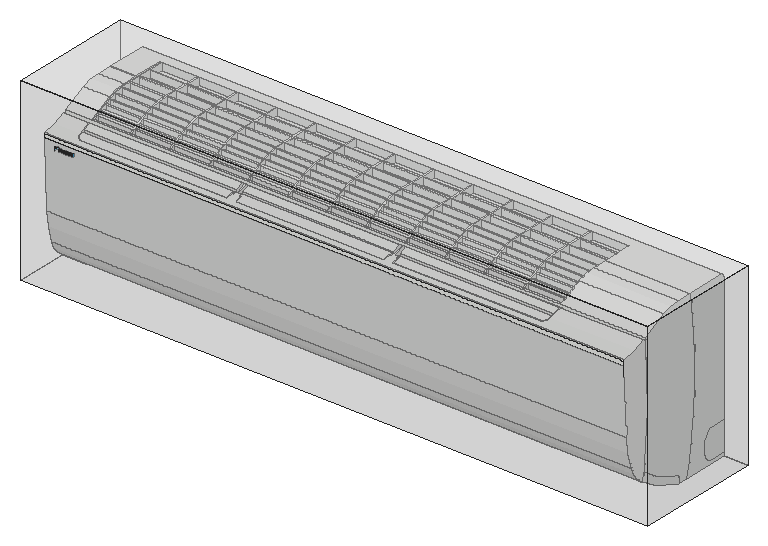
Revit family "outputfile", category 機械設備, Revit 2024
Family settings
  丸型コネクタ寸法 = 半径を使用
  パーツ タイプ = 標準
  OmniClass 番号 = 23.75.10.24.21.27.27
  OmniClass タイトル = Split System Air Conditioning Units
  作業面ベース = いいえ
  常に垂直 = はい
  ロード時にボイドで切り取り = いいえ
  注釈の向きを維持 = いいえ
  共有 = いいえ
  部屋計算ポイント = いいえ
Parameters (values of type "FTXM95PAVMA")
  Description = ""
  書き出し IFC クラス(タイプ) = "IfcUnitaryEquipmentType"
  定義済み IFC タイプ(タイプ) = "AIRCONDITIONINGUNIT"
  Cost = 0
  Type Comments = ""
  Keynote = ""
  Type Image = (empty or 0)
  Assembly Code = ""
  w_wall hole = if(Width = 770.0 mm, 48.0 mm, if(Width = 990.0 mm, 60.0 mm, 89.0 mm))  # 89.0 mm
  製造元 = "Daikin"
  モデル = "FTXM95PAVMA"
  switch_frequency = yes
  r_Liquid Pipe Size = Liquid Pipe Size / 2  # 3.2 mm
  r_Gas Pipe Size = Gas Pipe Size / 2  # 7.95 mm
  r_Drain Pipe Size = Drain Pipe Size / 2  # 8.0 mm
  lw_powersupply [instance] = if(Width = 770.0 mm, if(or(Rear Right Connection_refrigerant, Bottom Right Connection_refrigerant), 25.0 mm, if(or(Rear Left Connection_refrigerant, Bottom Left Connection_refrigerant), 745.0 mm, 400.0 mm)), if(Width = 990.0 mm, if(or(Rear Right Connection_refrigerant, Bottom Right Connection_refrigerant), 40.0 mm, if(or(Rear Left Connection_refrigerant, Bottom Left Connection_refrigerant), 920.0 mm, 400.0 mm)), if(Width = 1200.0 mm, if(or(Rear Right Connection_refrigerant, Bottom Right Connection_refrigerant), 89.0 mm - 19.0 mm, if(or(Rear Left Connection_refrigerant, Bottom Left Connection_refrigerant), 675.0 mm + (990.0 mm - 770.0 mm) + 145.0 mm + 22.0 mm + 89.0 mm, 400.0 mm)), if(or(Rear Right Connection_refrigerant, Bottom Right Connection_refrigerant), 89.0 mm - 19.0 mm, if(or(Rear Left Connection_refrigerant, Bottom Left Connection_refrigerant), 675.0 mm + (990.0 mm - 770.0 mm) + 145.0 mm + 22.0 mm + 89.0 mm, 400.0 mm)))))  # 400.0 mm
  lw_liquidpipe [instance] = if(Width = 770.0 mm, if(or(Rear Right Connection_refrigerant, Bottom Right Connection_refrigerant), 0.0 mm, if(or(Rear Left Connection_refrigerant, Bottom Left Connection_refrigerant), 664.0 mm, 385.0 mm)), if(Width = 990.0 mm, if(or(Rear Right Connection_refrigerant, Bottom Right Connection_refrigerant), 0.0 mm, if(or(Rear Left Connection_refrigerant, Bottom Left Connection_refrigerant), 664.0 mm + (990.0 mm - 770.0 mm), 475.0 mm)), if(Width = 1200.0 mm, if(or(Rear Right Connection_refrigerant, Bottom Right Connection_refrigerant), 0.0 mm, if(or(Rear Left Connection_refrigerant, Bottom Left Connection_refrigerant), 664.0 mm + (990.0 mm - 770.0 mm) + 145.0 mm, 460.0 mm)), if(or(Rear Right Connection_refrigerant, Bottom Right Connection_refrigerant), 0.0 mm, if(or(Rear Left Connection_refrigerant, Bottom Left Connection_refrigerant), 664.0 mm + (990.0 mm - 770.0 mm) + 145.0 mm, 460.0 mm)))))  # 460.0 mm
  lw_gaspipe [instance] = if(Width = 770.0 mm, if(or(Rear Right Connection_refrigerant, Bottom Right Connection_refrigerant), 0.0 mm, if(or(Rear Left Connection_refrigerant, Bottom Left Connection_refrigerant), 675.0 mm, if(Gas Pipe Size = 12.7 mm, 345.0 mm, 335.0 mm))), if(Width = 990.0 mm, if(or(Rear Right Connection_refrigerant, Bottom Right Connection_refrigerant), 10.0 mm, if(or(Rear Left Connection_refrigerant, Bottom Left Connection_refrigerant), 890.0 mm, if(Gas Pipe Size = 15.9 mm, 410.0 mm, 400.0 mm))), if(Width = 1200.0 mm, if(or(Rear Right Connection_refrigerant, Bottom Right Connection_refrigerant), 10.0 mm, if(or(Rear Left Connection_refrigerant, Bottom Left Connection_refrigerant), 675.0 mm + (990.0 mm - 770.0 mm) + 145.0 mm, 400.0 mm)), if(or(Rear Right Connection_refrigerant, Bottom Right Connection_refrigerant), 10.0 mm, if(or(Rear Left Connection_refrigerant, Bottom Left Connection_refrigerant), 675.0 mm + (990.0 mm - 770.0 mm) + 145.0 mm, 400.0 mm)))))  # 400.0 mm
  lw_drainpipe [instance] = if(Width = 770.0 mm, if(or(Rear Right Connection_refrigerant, Bottom Right Connection_refrigerant), 0.0 mm, if(or(Rear Left Connection_refrigerant, Bottom Left Connection_refrigerant), 770.0 mm - 48.0 mm - 48.0 mm, 440.0 mm)), if(Width = 990.0 mm, if(or(Rear Right Connection_refrigerant, Bottom Right Connection_refrigerant), 0.0 mm, if(or(Rear Left Connection_refrigerant, Bottom Left Connection_refrigerant), 675.0 mm + (990.0 mm - 770.0 mm), 435.0 mm)), if(Width = 1200.0 mm, if(or(Rear Right Connection_refrigerant, Bottom Right Connection_refrigerant), 0.0 mm, if(or(Rear Left Connection_refrigerant, Bottom Left Connection_refrigerant), 675.0 mm + (990.0 mm - 770.0 mm) + 145.0 mm, 465.0 mm)), if(or(Rear Right Connection_refrigerant, Bottom Right Connection_refrigerant), 0.0 mm, if(or(Rear Left Connection_refrigerant, Bottom Left Connection_refrigerant), 675.0 mm + (990.0 mm - 770.0 mm) + 145.0 mm, 465.0 mm)))))  # 465.0 mm
  l_powersupply_length [instance] = if(Width = 770.0 mm, if(Right Connection_refrigerant, 400.0 mm, if(Left Connection_refrigerant, 770.0 mm - 400.0 mm, if(or(Rear Left Connection_refrigerant, Rear Right Connection_refrigerant), 15.0 mm, 50.0 mm))), if(Width = 990.0 mm, if(Right Connection_refrigerant, 400.0 mm, if(Left Connection_refrigerant, 990.0 mm - 400.0 mm, if(or(Rear Left Connection_refrigerant, Rear Right Connection_refrigerant), 15.0 mm, 50.0 mm))), if(Width = 1200.0 mm, if(Right Connection_refrigerant, 400.0 mm, if(Left Connection_refrigerant, 1200.0 mm - 400.0 mm, if(or(Rear Left Connection_refrigerant, Rear Right Connection_refrigerant), 15.0 mm, 50.0 mm))), if(Right Connection_refrigerant, 400.0 mm, if(Left Connection_refrigerant, 1200.0 mm - 400.0 mm, if(or(Rear Left Connection_refrigerant, Rear Right Connection_refrigerant), 15.0 mm, 50.0 mm))))))  # 400.0 mm
  l_liquidpipe_length [instance] = if(Width = 770.0 mm, if(Right Connection_refrigerant, 433.0 mm, if(Left Connection_refrigerant, 337.0 mm, if(or(Rear Left Connection_refrigerant, Rear Right Connection_refrigerant), 30.0 mm, 40.0 mm))), if(Width = 990.0 mm, if(Right Connection_refrigerant, 535.0 mm, if(Left Connection_refrigerant, 455.0 mm, if(or(Rear Left Connection_refrigerant, Rear Right Connection_refrigerant), 30.0 mm, 40.0 mm))), if(Width = 1200.0 mm, if(Right Connection_refrigerant, 549.0 mm, if(Left Connection_refrigerant, 1200.0 mm - 549.0 mm, if(or(Rear Left Connection_refrigerant, Rear Right Connection_refrigerant), 30.0 mm, 40.0 mm))), if(Right Connection_refrigerant, 549.0 mm, if(Left Connection_refrigerant, 1200.0 mm - 549.0 mm, if(or(Rear Left Connection_refrigerant, Rear Right Connection_refrigerant), 30.0 mm, 40.0 mm))))))  # 549.0 mm
  l_gaspipe_length [instance] = if(Width = 770.0 mm, if(Right Connection_refrigerant, if(Gas Pipe Size = 12.7 mm, 393.0 mm, 383.0 mm), if(Left Connection_refrigerant, if(Gas Pipe Size = 12.7 mm, 770.0 mm - 393.0 mm, 770.0 mm - 383.0 mm), if(or(Rear Left Connection_refrigerant, Rear Right Connection_refrigerant), 40.0 mm, 50.0 mm))), if(Width = 990.0 mm, if(Right Connection_refrigerant, if(Gas Pipe Size = 15.9 mm, 470.0 mm, 460.0 mm), if(Left Connection_refrigerant, if(Gas Pipe Size = 15.9 mm, 990.0 mm - 470.0 mm, 990.0 mm - 460.0 mm), if(or(Rear Left Connection_refrigerant, Rear Right Connection_refrigerant), 40.0 mm, 50.0 mm))), if(Width = 1200.0 mm, if(Right Connection_refrigerant, 489.0 mm, if(Left Connection_refrigerant, 1200.0 mm - 489.0 mm, if(or(Rear Left Connection_refrigerant, Rear Right Connection_refrigerant), 40.0 mm, 50.0 mm))), if(Right Connection_refrigerant, 489.0 mm, if(Left Connection_refrigerant, 1200.0 mm - 489.0 mm, if(or(Rear Left Connection_refrigerant, Rear Right Connection_refrigerant), 40.0 mm, 50.0 mm))))))  # 489.0 mm
  l_drainpipe_length [instance] = if(Width = 770.0 mm, if(Right Connection_refrigerant, 488.0 mm, if(Left Connection_refrigerant, 282.0 mm, if(or(Rear Left Connection_refrigerant, Rear Right Connection_refrigerant), 15.0 mm, 20.0 mm))), if(Width = 990.0 mm, if(Right Connection_refrigerant, 495.0 mm, if(Left Connection_refrigerant, 495.0 mm, if(or(Rear Left Connection_refrigerant, Rear Right Connection_refrigerant), 15.0 mm, 20.0 mm))), if(Width = 1200.0 mm, if(Right Connection_refrigerant, 554.0 mm, if(Left Connection_refrigerant, 1200.0 mm - 554.0 mm, if(or(Rear Left Connection_refrigerant, Rear Right Connection_refrigerant), 15.0 mm, 20.0 mm))), if(Right Connection_refrigerant, 554.0 mm, if(Left Connection_refrigerant, 1200.0 mm - 554.0 mm, if(or(Rear Left Connection_refrigerant, Rear Right Connection_refrigerant), 15.0 mm, 20.0 mm))))))  # 554.0 mm
  h*** = 0.0 mm  # constant formula
  connector_voltage = Voltage_50Hz  # 230 V
  connector_powerinput = if([Power Input (Cooling)] > [Power Input (Heating)], [Power Input (Cooling)], [Power Input (Heating)])  # 2.880 kW
  connector_phase = Phase_50Hz  # 1
  angle_vertical [instance] = if(or(Bottom Left Connection_refrigerant, Bottom Right Connection_refrigerant), 0.00°, 90.00°)  # 90.00°
  angle_horizontal [instance] = if(Right Connection_refrigerant, 90.00°, if(Left Connection_refrigerant, -90.00°, if(or(Rear Left Connection_refrigerant, Rear Right Connection_refrigerant), 180.00°, 0.00°)))  # 90.00°
  Width = 1200.0 mm
  Voltage_comment_60Hz = "220-230"
  Voltage_comment_50Hz = "220 - 240"
  Voltage_60Hz = 220 V
  Voltage_50Hz = 230 V
  Version = "ver.1.0"
  Unit Type = "Wall Mounted"
  Unit Mass Weight = 17.00 kg
  Unit Designation [instance] = ""
  Uniclass2015Version = "Products v1.30"
  Uniclass2015Title = "Split coil room air conditioning units"
  Uniclass2015Code = "Pr_70_65_03_86"
  URL = ""
  Total Heating Capacity [instance] = 0.000 kW
  Total Cooling Capacity [instance] = 0.000 kW
  Sound Pressure Level_M speed (dBA) = 48
  Sound Pressure Level_L speed (dBA) = 43
  Sound Pressure Level_H speed (dBA) = 53
  Sound Power Level_H speed (dB) = 0
  Series = "Single Split_Fan Coil Unit"
  Sensible Cooling Capacity [instance] = 0.000 kW
  Refrigerant Type = "R32"
  Power Input (Heating) = 2.880 kW
  Power Input (Cooling) = 2.880 kW
  Phase_60Hz = 1
  Phase_50Hz = 1
  Option Accessory 3 [instance] = ""
  Option Accessory 2 [instance] = ""
  Option Accessory 1 [instance] = ""
  Nominal Heating Capacity = 9.400 kW
  Nominal Cooling Capacity = 9.400 kW
  Minimum Circuit Amps_60Hz = 0.0 A
  Minimum Circuit Amps_50Hz = 0.0 A
  Minimum Airflow = 966.00 m³/h
  Median Airflow = 1164.00 m³/h
  Maximum Fuse Amps_60Hz = 0.0 A
  Maximum Fuse Amps_50Hz = 0.0 A
  Maximum Airflow = 1380.00 m³/h
  Material_Casing = DAIKIN_White_Casing_indoorunit
  Load Classification = HVAC
  Liquid Pipe Size = 6.4 mm
  Link_Nested Family [instance] = ""
  IfcVersion = ""
  IfcExportType = "AIRCONDITIONINGUNIT"
  IfcExportAs = "IfcUnitaryEquipmentType"
  Height = 340.0 mm
  Heating Entering Wet Bulb Temperature [instance] = 0.00 °C
  Heating Entering Dry Bulb Temperature [instance] = 0.00 °C
  Heating Ambient Wet Bulb Temperature [instance] = 0.00 °C
  Heating Ambient Dry Bulb Temperature [instance] = 0.00 °C
  Heat Exchanger Type = "Cross Fin Coil"
  Gas Pipe Size = 15.9 mm
  Frequency_60Hz = 60 Hz
  Frequency_50Hz = 50 Hz
  Fan Type = "Cross Flow Fan"
  Fan Drive = "-"
  FCU Tag No. [instance] = ""
  Drain Pipe Size = 16.0 mm
  Design Supply Airflow [instance] = 0.00 m³/h
  Depth = 259.0 mm
  既定の高さ = 0.0 mm
  Cooling Entering Wet Bulb Temperature [instance] = 0.00 °C
  Cooling Entering Dry Bulb Temperature [instance] = 0.00 °C
  Cooling Ambient Wet Bulb Temperature [instance] = 0.00 °C
  Cooling Ambient Dry Bulb Temperature [instance] = 0.00 °C
  Clearance visibility [instance] = yes
  Clearance Top = 30.0 mm
  Clearance Right = 50.0 mm
  Clearance Rear = 0.0 mm
  Clearance Left = 50.0 mm
  Clearance Front = 0.0 mm
  Clearance Bottom = 0.0 mm
  Bottom Right Connection_refrigerant [instance] = no
  Bottom Left Connection_refrigerant [instance] = no
  Rear Right Connection_refrigerant [instance] = no
  Rear Left Connection_refrigerant [instance] = no
  Right Connection_refrigerant [instance] = yes
  Left Connection_refrigerant [instance] = no
Reference planes
  plane 1 "Back": y = 0
  plane 2: z = 0
  plane 3 "Center (Left/Right)": x = 0
  plane 4 "Center (Front/Back)": y = -129.5
  plane 5 "Front": y = -259
  plane 6 "Left": x = -600
  plane 7 "Right": x = 600
  plane 8 "Top": z = 0
  plane 9 "Bottom": z = -340
  plane 10: x = -650
  plane 11: x = 650
  plane 12: y = 0
  plane 13: y = -259
  plane 14: z = 30
  plane 15: z = -340
  plane 16 "lw_Piping and Wiring intake": x = 511
  plane 17 "lw_gaspipe": x = 111
  plane 18 "lw_liquidpipe": x = 51
  plane 19 "lw_drainpipe": x = 46
  plane 20 "lh_drainpipe": z = -320
  plane 21 "lh_liquidpipe": z = -300
  plane 22 "lh_gaspipe": z = -290
  plane 23 "ld_drainpipe": y = -15
  plane 24 "ld_liquidpipe": y = -30
  plane 25 "ld_gaspipe": y = -40
  plane 26 "lw_powersupply": x = 200
Dimensions and locks
  equal spacing: plane 6 "Left", plane 3 "Center (Left/Right)", plane 7 "Right"
  "Width": plane 6 "Left" to plane 7 "Right"
  equal spacing: plane 5 "Front", plane 4 "Center (Front/Back)", plane 1 "Back"
  "Depth": plane 5 "Front" to plane 1 "Back"
  "Height": plane 8 "Top" to plane 9 "Bottom"
  "Clearance Rear": plane 12 to plane 1 "Back"
  "Clearance Front": plane 13 to plane 5 "Front"
  "Clearance Top": plane 14 to plane 8 "Top"
  "Clearance Bottom": plane 9 "Bottom" to plane 15
  "w_wall hole": plane 16 "lw_Piping and Wiring intake" to plane 7 "Right"
  "lw_gaspipe": plane 17 "lw_gaspipe" to plane 16 "lw_Piping and Wiring intake"
  "lw_liquidpipe": plane 18 "lw_liquidpipe" to plane 16 "lw_Piping and Wiring intake"
  "lw_drainpipe": plane 19 "lw_drainpipe" to plane 16 "lw_Piping and Wiring intake"
  locked: plane 20 "lh_drainpipe" to plane 9 "Bottom" at 20
  locked: plane 21 "lh_liquidpipe" to plane 9 "Bottom" at 40
  locked: plane 22 "lh_gaspipe" to plane 9 "Bottom" at 50
  locked: plane 23 "ld_drainpipe" to plane 1 "Back" at 15
  locked: plane 1 "Back" to plane 24 "ld_liquidpipe" at 30
  locked: plane 1 "Back" to plane 25 "ld_gaspipe" at 40
  "lw_powersupply": plane 26 "lw_powersupply" to plane 7 "Right"
  "Clearance Right": plane 7 "Right" to plane 11
  "Clearance Left": plane 10 to plane 6 "Left"
  aligned and locked: level to plane 2
  aligned and locked: plane 12 to nested 1
  aligned and locked: nested 1 to plane 13
  aligned and locked: plane 10 to nested 1
  aligned and locked: plane 11 to nested 1
  aligned and locked: plane 15 to nested 1
  aligned and locked: plane 14 to nested 1
  aligned and locked: plane 17 "lw_gaspipe" to nested 2
  aligned and locked: nested 2 to plane 25 "ld_gaspipe"
  aligned and locked: plane 18 "lw_liquidpipe" to nested 3
  aligned and locked: nested 3 to plane 24 "ld_liquidpipe"
  aligned and locked: plane 19 "lw_drainpipe" to nested 4
  aligned and locked: nested 4 to plane 23 "ld_drainpipe"
  aligned and locked: nested 5 to plane 23 "ld_drainpipe"
  aligned and locked: plane 26 "lw_powersupply" to nested 5
  aligned and locked: level to plane 8 "Top"
  aligned and locked: plane 3 "Center (Left/Right)" to nested 6
  aligned and locked: plane 1 "Back" to nested 6
  aligned and locked: plane 8 "Top" to nested 6
Nested families
  nested 1: "daikin_clearancespace" at (0, -129.5, -154.881), show <- "Clearance visibility", visible <- "Clearance visibility", Link_Nested Family <- "Link_Nested Family", type "daikin_clearancespace"
    with width 1300.0 mm, show yes, height 370.0 mm, depth 259.0 mm, Link_Nested Family ""
  nested 2: "daikin_connector_rotate3" at (111, -40, -290), angle_vertical <- "angle_vertical", angle_horizontal <- "angle_horizontal", length <- "l_gaspipe_length", radius <- "r_Gas Pipe Size", type "daikin_connector_rotate3"
    with show no, radius 7.95 mm, length 489.0 mm, angle_vertical 90.00°, angle_horizontal 90.00°
  nested 3: "daikin_connector_rotate3" at (51, -30, -300), angle_vertical <- "angle_vertical", angle_horizontal <- "angle_horizontal", radius <- "r_Liquid Pipe Size", length <- "l_liquidpipe_length", type "daikin_connector_rotate3"
    with show no, radius 3.2 mm, length 549.0 mm, angle_vertical 90.00°, angle_horizontal 90.00°
  nested 4: "daikin_connector_rotate3" at (46, -15, -320), angle_vertical <- "angle_vertical", angle_horizontal <- "angle_horizontal", length <- "l_drainpipe_length", radius <- "r_Drain Pipe Size", type "daikin_connector_rotate3"
    with show no, radius 8.0 mm, length 554.0 mm, angle_vertical 90.00°, angle_horizontal 90.00°
  nested 5: "daikin_connector_rotate3" at (200, -15, -290), angle_vertical <- "angle_vertical", angle_horizontal <- "angle_horizontal", length <- "l_powersupply_length", type "daikin_connector_rotate3"
    with show no, radius 10.0 mm, length 400.0 mm, angle_vertical 90.00°, angle_horizontal 90.00°
  nested 6: "DAIKIN_indoorunit_FTXM-PAVMA" at (-31, 0, 0), type "FTXM-PAVMA"
    with switch_unit1_85-95 yes, switch_unit1_20-46 no, Width 1200.0 mm, WALL HOLE_L 65.0 mm, WALL HOLE_H 45.0 mm, WALL HOLE-R 89.0 mm, WALL HOLE Size 80.0 mm, Height 340.0 mm
Connectors
  piping at (600, -40, -290), diameter 15.9, driven by "r_Gas Pipe Size"
    settings: on nested 2, index 1, connector inside diameter 609.6 mm, connector length 0.0 mm, flow factor 0, pipe flow 0.00 m³/h, pressure drop 0.0 Pa, fitting loss kfactor 0, connector angle 0.00°, fixture units 0, engagement length 0.0 mm, angle of deflection 0.00°, flow configuration 1, flow direction 2, fitting loss method 0, system type 29, joint type 0, gender type 0, connector reference index -1, connector utility 0, adjustable connector no, is connector primary yes, connector description "Refrigerant Gas Piping"
  piping at (600, -30, -300), diameter 6.4, driven by "r_Liquid Pipe Size"
    settings: on nested 3, index 2, connector inside diameter 609.6 mm, connector length 0.0 mm, flow factor 0, pipe flow 0.00 m³/h, pressure drop 0.0 Pa, fitting loss kfactor 0, connector angle 0.00°, fixture units 0, engagement length 0.0 mm, angle of deflection 0.00°, flow configuration 1, flow direction 1, fitting loss method 0, system type 29, joint type 0, gender type 0, connector reference index -1, connector utility 0, adjustable connector no, is connector primary no, connector description "Refrigerant Liquid Piping"
  piping at (600, -15, -320), diameter 16, driven by "r_Drain Pipe Size"
    settings: on nested 4, index 3, connector inside diameter 609.6 mm, connector length 0.0 mm, flow factor 0, pipe flow 0.00 m³/h, pressure drop 0.0 Pa, fitting loss kfactor 0, connector angle 0.00°, fixture units 0, engagement length 0.0 mm, angle of deflection 0.00°, flow configuration 1, flow direction 2, fitting loss method 4, system type 16, joint type 0, gender type 0, connector reference index -1, connector utility 0, adjustable connector no, is connector primary no, connector description "Condensate Drain Piping"
  electrical at (600, -15, -290), driven by "Load Classification", driven by "connector_voltage", driven by "connector_phase", driven by "connector_powerinput"
    settings: on nested 5, index 4, voltage 230 V, apparent load 2880 VA, apparent load phase1 0 VA, apparent load phase2 0 VA, apparent load phase3 0 VA, power factor 1, load classification "HVAC", number of poles 1, system type 30, power factor state 1, is connector primary yes, connector utility no, sub classification motor no, connector description "Power Supply"
Definition of nested family "daikin_clearancespace"
  Parameters (values of type "daikin_clearancespace")
    Description = "daikin_clearancespace"
    width [instance] = 1823.963 mm
    show [instance] = yes
    material = none
    height [instance] = 1359.762 mm
    depth [instance] = 880.0 mm
    Default Elevation = 0.0 mm
    Link_Nested Family [instance] = ""
  Reference planes
    plane 1 "Center (Front/Back)": y = 0
    plane 2 "Center (Elevation)": z = -0.119
    plane 3 "Center (Left/Right)": x = 0
    plane 4: y = 440
    plane 5: y = -440
    plane 6 "Right": x = 911.982
    plane 7 "Left": x = -911.982
    plane 8 "Top": z = 679.762
    plane 9 "Bottom": z = -680
  Forms (mm)
    Extrusion 1, solid, material <- "material", visible <- "show"
      sketch origin (0, 0, 0) x (1, 0, 0) y (0, 1, 0)
        loop
          line (-911.982, 440) -> (-911.982, -440) -> (911.982, -440) -> (911.982, 440) -> (-911.982, 440)
      from -680 to 679.762
  Lines and regions (mm)
    symbolic lines, visible <- "show"
      curve 1: line (911.982, 440, 0) -> (-911.982, 440, 0)
      curve 2: line (-911.982, 440, 0) -> (-911.982, -440, 0)
      curve 3: line (-911.982, -440, 0) -> (911.982, -440, 0)
      curve 4: line (911.982, -440, 0) -> (911.982, 440, 0)
      curve 5: line (911.982, 0, 679.762) -> (-911.982, 0, 679.762)
      curve 6: line (911.982, 0, -680) -> (911.982, 0, 679.762)
      curve 7: line (-911.982, 0, -680) -> (911.982, 0, -680)
      curve 8: line (-911.982, 0, 679.762) -> (-911.982, 0, -680)
      curve 9: line (0, 440, 679.762) -> (0, -440, 679.762)
      curve 10: line (0, -440, 679.762) -> (0, -440, -680)
      curve 11: line (0, 440, -680) -> (0, 440, 679.762)
      curve 12: line (0, -440, -680) -> (0, 440, -680)
  Dimensions and locks
    "width": plane 7 "Left" to plane 6 "Right"
    "depth": plane 4 to plane 5
    "height": plane 8 "Top" to plane 9 "Bottom"
    equal spacing: plane 7 "Left", plane 3 "Center (Left/Right)", plane 6 "Right"
    equal spacing: plane 4, plane 1 "Center (Front/Back)", plane 5
    equal spacing: plane 8 "Top", plane 2 "Center (Elevation)", plane 9 "Bottom"
    aligned and locked: level to plane 2 "Center (Elevation)"
    aligned and locked: Extrusion 1 sketch curve to plane 4
    aligned and locked: plane 7 "Left" to Extrusion 1 sketch curve
    aligned and locked: Extrusion 1 sketch curve to plane 5
    aligned and locked: Extrusion 1 sketch curve to plane 6 "Right"
    aligned and locked: plane 8 "Top" to Extrusion 1
    aligned and locked: curve 1 to Extrusion 1
    aligned and locked: curve 2 to Extrusion 1
    aligned and locked: curve 3 to Extrusion 1
    aligned and locked: curve 4 to Extrusion 1
    aligned and locked: curve 5 to Extrusion 1
    aligned and locked: curve 6 to Extrusion 1
    aligned and locked: curve 7 to Extrusion 1
    aligned and locked: curve 8 to Extrusion 1
    aligned and locked: curve 9 to Extrusion 1
    aligned and locked: curve 10 to Extrusion 1
    aligned and locked: curve 11 to Extrusion 1
    aligned and locked: curve 12 to Extrusion 1
    aligned and locked: Extrusion 1 to plane 9 "Bottom"
Definition of nested family "DAIKIN_indoorunit_FTXM-PAVMA"
  Parameters (values of type "CTXM-RVMA")
    switch_unit1_85-95 = Width = 1200.0 mm  # no
    switch_unit1_50-71 = Width = 990.0 mm  # no
    switch_unit1_20-46 = Width = 770.0 mm  # yes
    Width = 770.0 mm
    WALL HOLE_L = if(Width = 1200.0 mm, 65.0 mm, 48.0 mm)  # 48.0 mm
    WALL HOLE_H = if(Width = 1200.0 mm, 45.0 mm, 44.5 mm)  # 44.5 mm
    WALL HOLE-R = if(Width = 770.0 mm, 48.0 mm, if(Width = 990.0 mm, 60.0 mm, 89.0 mm))  # 48.0 mm
    WALL HOLE Size = if(Width = 770.0 mm, 65.0 mm, 80.0 mm)  # 65.0 mm
    Material_Casing = none
    Height = if(Width = 770.0 mm, 285.0 mm, if(Width = 990.0 mm, 295.0 mm, 340.0 mm))  # 285.0 mm
    Default Elevation = 0.0 mm
  Reference planes
    plane 1 "Center (Front/Back)": y = 0
    plane 2 "reference_level": z = 0
    plane 3 "Center (Left/Right)": x = 31
    plane 4: x = -354
    plane 5: x = 416
    plane 6: z = -285
  Forms (mm)
    Extrusion 1, solid, material <- "Material_Casing", visible <- "switch_unit1_20-46"
      sketch origin (29, 0, 0) x (0, 1, 0) y (0, 0, 1)
        loop
          line (-5, 0) -> (-98, 0)
          arc (-98, 0) -> (-157.611, -7.211) -> (-213.783, -28.427) r 250
          arc (-213.783, -28.427) -> (-213.842, -32.972) -> (-213.892, -37.516) r 2191
          arc (-213.892, -37.516) -> (-157.832, -15.495) -> (-98.07, -8) r 242
          line (-98.07, -8) -> (0, -8) -> (-5, 0)
      from -383 to 387
    Extrusion 2, solid, material <- "Material_Casing", visible <- "switch_unit1_20-46"
      sketch origin (416, 1296.25, 1200) x (0, 1, 0) y (0, 0, 1)
        loop
          line (-1472.998, -1446.91) -> (-1476.998, -1453.839)
          arc (-1476.998, -1453.839) -> (-1437.481, -1472.422) -> (-1395.25, -1483.538) r 240
          line (-1395.25, -1483.538) -> (-1395.25, -1475.422)
          arc (-1395.25, -1475.422) -> (-1435.407, -1464.663) -> (-1472.998, -1446.91) r 232
      from 0 to -47.5
    Extrusion 3, solid, material <- "Material_Casing", visible <- "switch_unit1_20-46"
      sketch origin (29, 0, 0) x (0, 1, 0) y (0, 0, 1)
        loop
          arc (-223, -60.455) -> (-222.414, -110.646) -> (-220.656, -160.81) r 2149.92
          arc (-220.656, -160.81) -> (-219.65, -174.299) -> (-217.853, -187.706) r 229.911
          arc (-217.853, -187.706) -> (-205.371, -223.594) -> (-181.517, -253.17) r 111
          line (-181.517, -253.17) -> (-177.429, -246.093)
          arc (-177.429, -246.093) -> (-198.77, -218.989) -> (-209.965, -186.36) r 103
          arc (-209.965, -186.36) -> (-211.681, -173.586) -> (-212.651, -160.735) r 221.844
          arc (-212.651, -160.735) -> (-214.739, -93.233) -> (-214.74, -25.699) r 2186.828
          arc (-214.74, -25.699) -> (-214.671, -21.467) -> (-214.594, -17.235) r 2192
          line (-214.594, -17.235) -> (-223, -19.961) -> (-223, -60.455)
      from -383 to 387
    Extrusion 4, solid, material <- "Material_Casing", visible <- "switch_unit1_20-46"
      sketch origin (29, 0, 0) x (0, 1, 0) y (0, 0, 1)
        loop
          line (-181.517, -253.17) -> (-179.597, -249.846)
          arc (-179.597, -249.846) -> (-202.009, -221.399) -> (-213.189, -186.952) r 103
          line (-213.189, -186.952) -> (-217.853, -187.706)
          arc (-217.853, -187.706) -> (-217.533, -189.556) -> (-217.182, -191.4) r 111
          arc (-217.182, -191.4) -> (-213.806, -208.181) -> (-210.362, -224.948) r 4257.809
          arc (-210.362, -224.948) -> (-198.886, -237.857) -> (-186.225, -249.607) r 180
          line (-186.225, -249.607) -> (-181.517, -253.17)
      from -383 to 387
    Extrusion 5, solid, material <- "Material_Casing", visible <- "switch_unit1_20-46"
      sketch origin (29, 0, -20) x (0, 1, 0) y (0, 0, 1)
        loop
          line (0, -265) -> (0, 12) -> (-98.07, 12)
          arc (-98.07, 12) -> (-157.832, 4.505) -> (-213.892, -17.516) r 242
          arc (-213.892, -17.516) -> (-213.638, -79.114) -> (-211.653, -140.681) r 2191
          arc (-211.653, -140.681) -> (-210.685, -153.501) -> (-208.973, -166.243) r 221
          arc (-208.973, -166.243) -> (-197.471, -199.282) -> (-175.482, -226.491) r 102
          arc (-175.482, -226.491) -> (-138.004, -244.019) -> (-98, -254.579) r 231
          line (-98, -254.579) -> (-98, -265) -> (0, -265)
      from -383 to 387
    Extrusion 6, solid, material <- "Material_Casing", visible <- "switch_unit1_20-46"
      sketch origin (-354, 1296.25, 1200) x (0, 1, 0) y (0, 0, 1)
        loop
          line (-1472.998, -1446.91) -> (-1476.998, -1453.839)
          arc (-1476.998, -1453.839) -> (-1437.481, -1472.422) -> (-1395.25, -1483.538) r 240
          line (-1395.25, -1483.538) -> (-1395.25, -1475.422)
          arc (-1395.25, -1475.422) -> (-1435.407, -1464.663) -> (-1472.998, -1446.91) r 232
      from 47 to 0
    Extrusion 7, solid, material <- "Material_Casing", visible <- "switch_unit1_20-46"
      sketch origin (416, 1296.25, 1200) x (0, 1, 0) y (0, 0, 1)
        loop
          line (-1472.998, -1446.91) -> (-1476.998, -1453.839)
          arc (-1476.998, -1453.839) -> (-1443.437, -1470.168) -> (-1407.75, -1481.097) r 240
          line (-1407.75, -1481.097) -> (-1407.75, -1472.894)
          arc (-1407.75, -1472.894) -> (-1441.363, -1462.385) -> (-1472.998, -1446.91) r 232
      from -116.993 to -48.493
    Extrusion 8, solid, material <- "Material_Casing", visible <- "switch_unit1_20-46"
      sketch origin (416, 1296.25, 1200) x (0, 1, 0) y (0, 0, 1)
        loop
          line (-1472.998, -1446.91) -> (-1476.998, -1453.839)
          arc (-1476.998, -1453.839) -> (-1443.437, -1470.168) -> (-1407.75, -1481.097) r 240
          line (-1407.75, -1481.097) -> (-1407.75, -1472.894)
          arc (-1407.75, -1472.894) -> (-1441.363, -1462.385) -> (-1472.998, -1446.91) r 232
      from -717 to -121.993
    Extrusion 9, void
      sketch origin (31, 0, -235) x (1, 0, 0) y (0, 1, 0)
        loop
          line (-252.674, -22.316) -> (-354.941, -22.316) -> (-354.941, -91.341) -> (-252.674, -91.341) -> (-252.674, -22.316)
        loop
          line (-249.341, -91.341) -> (-151.574, -91.341) -> (-151.574, -22.316) -> (-249.341, -22.316) -> (-249.341, -91.341)
        loop
          line (58.309, -22.316) -> (-148.309, -22.316) -> (-148.309, -91.341) -> (58.309, -91.341) -> (58.309, -22.316)
        loop
          line (61.689, -22.316) -> (61.689, -91.341) -> (159.457, -91.341) -> (159.457, -22.316) -> (61.689, -22.316)
        loop
          line (162.789, -22.316) -> (162.789, -91.341) -> (265.057, -91.341) -> (265.057, -22.316) -> (162.789, -22.316)
        loop
          line (-354.941, -94.659) -> (-354.941, -165.259) -> (-252.674, -165.259) -> (-252.674, -94.659) -> (-354.941, -94.659)
        loop
          line (-249.341, -94.659) -> (-249.341, -165.259) -> (-151.574, -165.259) -> (-151.574, -94.659) -> (-249.341, -94.659)
        loop
          line (-148.309, -94.659) -> (-148.309, -165.259) -> (58.309, -165.259) -> (58.309, -94.659) -> (-148.309, -94.659)
        loop
          line (61.689, -94.659) -> (61.689, -165.259) -> (159.457, -165.259) -> (159.457, -94.659) -> (61.689, -94.659)
        loop
          line (162.789, -94.659) -> (162.789, -165.259) -> (265.057, -165.259) -> (265.057, -94.659) -> (162.789, -94.659)
        loop
          line (-354.941, -167.382) -> (-354.941, -192.681) -> (-252.674, -192.681) -> (-252.674, -167.382) -> (-354.941, -167.382)
        loop
          line (-249.341, -167.382) -> (-249.341, -192.681) -> (-151.574, -192.681) -> (-151.574, -167.382) -> (-249.341, -167.382)
        loop
          line (-148.309, -167.382) -> (-148.309, -192.681) -> (58.309, -192.681) -> (58.309, -167.382) -> (-148.309, -167.382)
        loop
          line (159.457, -167.382) -> (61.689, -167.382) -> (61.689, -192.681) -> (159.457, -192.681) -> (159.457, -167.382)
        loop
          line (265.057, -167.382) -> (162.789, -167.382) -> (162.789, -192.681) -> (265.057, -192.681) -> (265.057, -167.382)
      from 201.638 to 250
    Extrusion 10, void
      sketch origin (31, 0, 0) x (1, 0, 0) y (0, 0, 1)
        loop
          arc (597, -174.907) -> (0.056, -245.263) -> (-597, -175.856) r 2585.042
          line (-597, -175.856) -> (-597, -352.872) -> (597, -352.872) -> (597, -174.907)
      from 173 to 315.3
    Extrusion 11, solid, material <- "Material_Casing"
      sketch origin (31, 0, 0) x (1, 0, 0) y (0, 0, 1)
        loop
          circle (337, -240.5) r 32.5
        loop
          circle (-337, -240.5) r 32.5
      from 0 to 5
    Extrusion 12, solid, material <- "Material_Casing", visible <- "switch_unit1_20-46"
      sketch origin (416, 1296.25, 1200) x (0, -1, 0) y (0, 0, 1)
        loop
          line (1326.25, -1417) -> (1296.25, -1417) -> (1296.25, -1477) -> (1326.25, -1477)
          arc (1326.25, -1477) -> (1340.393, -1471.142) -> (1346.25, -1457) r 20
          line (1346.25, -1457) -> (1346.25, -1437)
          arc (1346.25, -1437) -> (1340.393, -1422.858) -> (1326.25, -1417) r 20
      from 0 to 5
    Extrusion 13, solid, material <- "Material_Casing", visible <- "switch_unit1_20-46"
      sketch origin (-354, 1296.25, 1200) x (0, 1, 0) y (0, 0, 1)
        loop
          line (-1296.25, -1417) -> (-1326.25, -1417)
          arc (-1326.25, -1417) -> (-1340.393, -1422.858) -> (-1346.25, -1437) r 20
          line (-1346.25, -1437) -> (-1346.25, -1457)
          arc (-1346.25, -1457) -> (-1340.393, -1471.142) -> (-1326.25, -1477) r 20
          line (-1326.25, -1477) -> (-1296.25, -1477) -> (-1296.25, -1417)
      from 0 to 5
    Extrusion 14, solid, material <- "Material_Casing", visible <- "switch_unit1_20-46"
      sketch origin (31, 0, -285) x (-1, 0, 0) y (0, -1, 0)
        loop
          line (-314, 0) -> (-314, 30)
          arc (-314, 30) -> (-319.858, 44.142) -> (-334, 50) r 20
          line (-334, 50) -> (-354, 50)
          arc (-354, 50) -> (-368.142, 44.142) -> (-374, 30) r 20
          line (-374, 30) -> (-374, 0) -> (-314, 0)
        loop
          line (374, 0) -> (374, 30)
          arc (374, 30) -> (368.142, 44.142) -> (354, 50) r 20
          line (354, 50) -> (334, 50)
          arc (334, 50) -> (319.858, 44.142) -> (314, 30) r 20
          line (314, 30) -> (314, 0) -> (374, 0)
      from 0 to 5
    Extrusion 15, solid, material <- "Material_Casing", visible <- "switch_unit1_50-71"
      sketch origin (31, 0, 0) x (0, 1, 0) y (0, 0, 1)
        loop
          line (-5, 0) -> (-138, 0)
          arc (-138, 0) -> (-197.611, -7.211) -> (-253.783, -28.427) r 250
          arc (-253.783, -28.427) -> (-253.838, -32.687) -> (-253.886, -36.946) r 2191
          arc (-253.886, -36.946) -> (-197.73, -15.346) -> (-138.014, -8) r 246.393
          line (-138.014, -8) -> (0, -8) -> (-5, 0)
      from -495 to 495
    Extrusion 16, solid, material <- "Material_Casing", visible <- "switch_unit1_50-71"
      sketch origin (418, 1296.25, 1200) x (0, 1, 0) y (0, 0, 1)
        loop
          arc (-1515.208, -1454.149) -> (-1506.856, -1460.599) -> (-1497.925, -1466.219) r 110
          arc (-1497.925, -1466.219) -> (-1445.718, -1487.493) -> (-1389.844, -1494.995) r 223
          line (-1389.844, -1494.995) -> (-1389.844, -1486.086) -> (-1404.386, -1486.086)
          arc (-1404.386, -1486.086) -> (-1449.542, -1477.46) -> (-1491.818, -1459.402) r 214.289
          arc (-1491.818, -1459.402) -> (-1501.056, -1453.541) -> (-1509.606, -1446.715) r 101
          line (-1509.606, -1446.715) -> (-1515.208, -1454.149)
      from 108 to 57.5
    Extrusion 17, solid, material <- "Material_Casing", visible <- "switch_unit1_50-71"
      sketch origin (31, 0, 0) x (0, 1, 0) y (0, 0, 1)
        loop
          line (-263, -19.962) -> (-263, -61.6)
          arc (-263, -61.6) -> (-262.414, -110.219) -> (-260.656, -158.81) r 2017.341
          arc (-260.656, -158.81) -> (-255.648, -191.935) -> (-244.041, -223.362) r 164.725
          arc (-244.041, -223.362) -> (-233.569, -239.793) -> (-219.717, -253.495) r 87.379
          line (-219.717, -253.495) -> (-214.706, -246.846)
          arc (-214.706, -246.846) -> (-229.564, -230.029) -> (-240.385, -210.371) r 102
          arc (-240.385, -210.371) -> (-249.049, -182.962) -> (-252.848, -154.467) r 165.789
          arc (-252.848, -154.467) -> (-254.771, -90.102) -> (-254.74, -25.708) r 2122.533
          arc (-254.74, -25.708) -> (-254.671, -21.469) -> (-254.594, -17.23) r 2192
          line (-254.594, -17.23) -> (-263, -19.962)
      from -495 to 495
    Extrusion 18, void
      sketch origin (33, 0, 0) x (1, 0, 0) y (0, 1, 0)
        loop
          line (-466.909, -22.316) -> (-466.909, -111.341) -> (-366.303, -111.341) -> (-366.303, -22.316) -> (-466.909, -22.316)
        loop
          line (-362.71, -22.316) -> (-362.71, -111.341) -> (-262.103, -111.341) -> (-262.103, -22.316) -> (-362.71, -22.316)
        loop
          line (-258.51, -22.316) -> (-258.51, -111.341) -> (-157.904, -111.341) -> (-157.904, -22.316) -> (-258.51, -22.316)
        loop
          line (-154.31, -22.316) -> (-154.31, -111.341) -> (-53.704, -111.341) -> (-53.704, -22.316) -> (-154.31, -22.316)
        loop
          line (-50.11, -22.316) -> (-50.11, -111.341) -> (50.496, -111.341) -> (50.496, -22.316) -> (-50.11, -22.316)
        loop
          line (54.089, -22.316) -> (54.089, -111.341) -> (154.696, -111.341) -> (154.696, -22.316) -> (54.089, -22.316)
        loop
          line (158.289, -22.316) -> (158.289, -111.341) -> (258.895, -111.341) -> (258.895, -22.316) -> (158.289, -22.316)
        loop
          line (262.489, -22.316) -> (262.489, -111.341) -> (363.095, -111.341) -> (363.095, -22.316) -> (262.489, -22.316)
        loop
          line (-466.909, -114.459) -> (-466.909, -185.059) -> (-366.303, -185.059) -> (-366.303, -114.459) -> (-466.909, -114.459)
        loop
          line (-362.71, -114.459) -> (-362.71, -185.059) -> (-262.103, -185.059) -> (-262.103, -114.459) -> (-362.71, -114.459)
        loop
          line (-258.51, -114.459) -> (-258.51, -185.059) -> (-157.904, -185.059) -> (-157.904, -114.459) -> (-258.51, -114.459)
        loop
          line (-154.31, -114.459) -> (-154.31, -185.059) -> (-53.704, -185.059) -> (-53.704, -114.459) -> (-154.31, -114.459)
        loop
          line (-50.11, -114.459) -> (-50.11, -185.059) -> (50.496, -185.059) -> (50.496, -114.459) -> (-50.11, -114.459)
        loop
          line (54.089, -114.459) -> (54.089, -185.059) -> (154.696, -185.059) -> (154.696, -114.459) -> (54.089, -114.459)
        loop
          line (158.289, -114.459) -> (158.289, -185.059) -> (258.895, -185.059) -> (258.895, -114.459) -> (158.289, -114.459)
        loop
          line (262.489, -114.459) -> (262.489, -185.059) -> (363.095, -185.059) -> (363.095, -114.459) -> (262.489, -114.459)
        loop
          line (-466.909, -187.382) -> (-466.909, -232.681) -> (-366.303, -232.681) -> (-366.303, -187.382) -> (-466.909, -187.382)
        loop
          line (-362.71, -187.382) -> (-362.71, -232.681) -> (-262.103, -232.681) -> (-262.103, -187.382) -> (-362.71, -187.382)
        loop
          line (-258.51, -187.382) -> (-258.51, -232.681) -> (-157.904, -232.681) -> (-157.904, -187.382) -> (-258.51, -187.382)
        loop
          line (-154.31, -187.382) -> (-154.31, -232.681) -> (-53.704, -232.681) -> (-53.704, -187.382) -> (-154.31, -187.382)
        loop
          line (-50.11, -187.382) -> (-50.11, -232.681) -> (50.496, -232.681) -> (50.496, -187.382) -> (-50.11, -187.382)
        loop
          line (54.089, -187.382) -> (54.089, -232.681) -> (154.696, -232.681) -> (154.696, -187.382) -> (54.089, -187.382)
        loop
          line (158.289, -187.382) -> (158.289, -232.681) -> (258.895, -232.681) -> (258.895, -187.382) -> (158.289, -187.382)
        loop
          line (262.489, -187.382) -> (262.489, -232.681) -> (363.095, -232.681) -> (363.095, -187.382) -> (262.489, -187.382)
      from -40.013 to 47.268
    Extrusion 19, void
      sketch origin (33, 0, 2300) x (1, 0, 0) y (0, 0, 1)
        loop
          line (705, -2672.872) -> (705, -2462.4)
          arc (705, -2462.4) -> (-2.043, -2534.819) -> (-709, -2461.567) r 3467.757
          line (-709, -2461.567) -> (-709, -2672.872) -> (705, -2672.872)
      from 173 to 315.3
    Extrusion 20, solid, material <- "Material_Casing", visible <- "switch_unit1_50-71"
      sketch origin (-356, 1296.25, 1200) x (0, 1, 0) y (0, 0, -1)
        loop
          line (-1515.208, 1454.149) -> (-1509.606, 1446.715)
          arc (-1509.606, 1446.715) -> (-1501.056, 1453.541) -> (-1491.818, 1459.402) r 101
          arc (-1491.818, 1459.402) -> (-1449.542, 1477.46) -> (-1404.386, 1486.086) r 214.289
          line (-1404.386, 1486.086) -> (-1389.844, 1486.086) -> (-1389.844, 1494.995)
          arc (-1389.844, 1494.995) -> (-1445.718, 1487.493) -> (-1497.925, 1466.219) r 223
          arc (-1497.925, 1466.219) -> (-1506.856, 1460.599) -> (-1515.208, 1454.149) r 110
      from 108 to 61
    Extrusion 21, solid, material <- "Material_Casing", visible <- "switch_unit1_50-71"
      sketch origin (418, 1296.25, 1200) x (0, 1, 0) y (0, 0, 1)
        loop
          arc (-1515.208, -1454.149) -> (-1506.856, -1460.599) -> (-1497.925, -1466.219) r 110
          arc (-1497.925, -1466.219) -> (-1463.185, -1482.066) -> (-1426.25, -1491.755) r 223
          line (-1426.25, -1491.755) -> (-1426.25, -1483.166)
          arc (-1426.25, -1483.166) -> (-1460.008, -1473.969) -> (-1491.818, -1459.402) r 214.289
          arc (-1491.818, -1459.402) -> (-1501.056, -1453.541) -> (-1509.606, -1446.715) r 101
          line (-1509.606, -1446.715) -> (-1515.208, -1454.149)
      from 56.5 to -36.993
    Extrusion 22, solid, material <- "Material_Casing", visible <- "switch_unit1_50-71"
      sketch origin (418, 1296.25, 1200) x (0, 1, 0) y (0, 0, 1)
        loop
          arc (-1426.25, -1483.166) -> (-1443.442, -1479.224) -> (-1460.25, -1473.881) r 214.289
          line (-1460.25, -1473.881) -> (-1460.25, -1483.089)
          arc (-1460.25, -1483.089) -> (-1443.421, -1488.091) -> (-1426.25, -1491.755) r 223
          line (-1426.25, -1491.755) -> (-1426.25, -1483.166)
      from -43.493 to -828.893
    Extrusion 23, solid, material <- "Material_Casing", visible <- "switch_unit1_50-71"
      sketch origin (418, 1296.25, 1200) x (0, 1, 0) y (0, 0, 1)
        loop
          arc (-1515.208, -1454.149) -> (-1506.856, -1460.599) -> (-1497.925, -1466.219) r 110
          arc (-1497.925, -1466.219) -> (-1479.479, -1475.527) -> (-1460.25, -1483.089) r 223
          line (-1460.25, -1483.089) -> (-1460.25, -1473.881)
          arc (-1460.25, -1473.881) -> (-1476.328, -1467.282) -> (-1491.818, -1459.402) r 214.289
          arc (-1491.818, -1459.402) -> (-1501.056, -1453.541) -> (-1509.606, -1446.715) r 101
          line (-1509.606, -1446.715) -> (-1515.208, -1454.149)
      from -43.493 to -828.893
    Extrusion 24, solid, material <- "Material_Casing", visible <- "switch_unit1_50-71"
      sketch origin (31, 0, 0) x (0, 1, 0) y (0, 0, 1)
        loop
          arc (-217.78, -250.924) -> (-234.088, -233.307) -> (-245.826, -212.366) r 102
          arc (-245.826, -212.366) -> (-251.608, -196.062) -> (-255.659, -179.245) r 165.789
          line (-255.659, -179.245) -> (-258.299, -179.737)
          arc (-258.299, -179.737) -> (-257.524, -183.799) -> (-256.646, -187.84) r 164.725
          arc (-256.646, -187.84) -> (-252.868, -206.25) -> (-249.973, -224.82) r 393.089
          arc (-249.973, -224.82) -> (-239.237, -236.969) -> (-227.451, -248.102) r 180
          arc (-227.451, -248.102) -> (-223.723, -250.998) -> (-219.717, -253.495) r 45.878
          line (-219.717, -253.495) -> (-217.78, -250.924)
      from -495 to 495
    Extrusion 25, solid, material <- "Material_Casing", visible <- "switch_unit1_50-71"
      sketch origin (31, 0, -30) x (0, 1, 0) y (0, 0, 1)
        loop
          line (0, 22) -> (-138.014, 22)
          arc (-138.014, 22) -> (-197.73, 14.654) -> (-253.886, -6.946) r 246.393
          arc (-253.886, -6.946) -> (-253.682, -65.635) -> (-251.855, -124.295) r 2120.935
          arc (-251.855, -124.295) -> (-248.086, -152.682) -> (-239.461, -179.988) r 164.789
          arc (-239.461, -179.988) -> (-228.903, -199.231) -> (-214.437, -215.738) r 101
          line (-214.437, -215.738) -> (-212.406, -216.221)
          arc (-212.406, -216.221) -> (-204.07, -222.837) -> (-195.079, -228.53) r 100
          arc (-195.079, -228.53) -> (-145.557, -248.629) -> (-92.593, -255.785) r 213.289
          line (-92.593, -255.785) -> (-92.593, -265) -> (0, -265) -> (0, 22)
      from -495 to 495
    Extrusion 26, solid, material <- "Material_Casing", visible <- "switch_unit1_50-71"
      sketch origin (526, 1296.25, 1200) x (0, -1, 0) y (0, 0, 1)
        loop
          line (1326.25, -1427.035) -> (1296.25, -1427.035) -> (1296.25, -1487.035) -> (1326.25, -1487.035)
          arc (1326.25, -1487.035) -> (1340.393, -1481.177) -> (1346.25, -1467.035) r 20
          line (1346.25, -1467.035) -> (1346.25, -1447.035)
          arc (1346.25, -1447.035) -> (1340.393, -1432.892) -> (1326.25, -1427.035) r 20
      from 0 to 5
    Extrusion 27, solid, material <- "Material_Casing", visible <- "switch_unit1_50-71"
      sketch origin (-459, 1296.25, 1200) x (0, -1, 0) y (0, 0, 1)
        loop
          line (1326.25, -1427.035) -> (1296.25, -1427.035) -> (1296.25, -1487.035) -> (1326.25, -1487.035)
          arc (1326.25, -1487.035) -> (1340.393, -1481.177) -> (1346.25, -1467.035) r 20
          line (1346.25, -1467.035) -> (1346.25, -1447.035)
          arc (1346.25, -1447.035) -> (1340.393, -1432.892) -> (1326.25, -1427.035) r 20
      from 0 to 5
    Extrusion 28, solid, material <- "Material_Casing", visible <- "switch_unit1_50-71"
      sketch origin (31, 200, -295) x (-1, 0, 0) y (0, -1, 0)
        loop
          line (469, 200) -> (469, 230)
          arc (469, 230) -> (463.142, 244.142) -> (449, 250) r 20
          line (449, 250) -> (429, 250)
          arc (429, 250) -> (414.858, 244.142) -> (409, 230) r 20
          line (409, 230) -> (409, 200) -> (469, 200)
        loop
          line (-469, 200) -> (-409, 200) -> (-409, 230)
          arc (-409, 230) -> (-414.858, 244.142) -> (-429, 250) r 20
          line (-429, 250) -> (-449, 250)
          arc (-449, 250) -> (-463.142, 244.142) -> (-469, 230) r 20
          line (-469, 230) -> (-469, 200)
      from 0 to 5
    Extrusion 29, solid, material <- "Material_Casing", visible <- "switch_unit1_85-95"
      sketch origin (631, 1296.25, 1200) x (0, -1, 0) y (0, 0, 1)
        loop
          line (1326.25, -1472) -> (1296.25, -1472) -> (1296.25, -1532) -> (1326.25, -1532)
          arc (1326.25, -1532) -> (1340.393, -1526.142) -> (1346.25, -1512) r 20
          line (1346.25, -1512) -> (1346.25, -1492)
          arc (1346.25, -1492) -> (1340.393, -1477.858) -> (1326.25, -1472) r 20
      from 0 to 5
    Extrusion 30, solid, material <- "Material_Casing", visible <- "switch_unit1_85-95"
      sketch origin (-569, 1296.25, 1200) x (0, 1, 0) y (0, 0, 1)
        loop
          line (-1296.25, -1472) -> (-1326.25, -1472)
          arc (-1326.25, -1472) -> (-1340.393, -1477.858) -> (-1346.25, -1492) r 20
          line (-1346.25, -1492) -> (-1346.25, -1512)
          arc (-1346.25, -1512) -> (-1340.393, -1526.142) -> (-1326.25, -1532) r 20
          line (-1326.25, -1532) -> (-1296.25, -1532) -> (-1296.25, -1472)
      from 0 to 5
    Extrusion 31, solid, material <- "Material_Casing", visible <- "switch_unit1_85-95"
      sketch origin (31, 0, -340) x (-1, 0, 0) y (0, -1, 0)
        loop
          line (-481, 0) -> (-481, 30)
          arc (-481, 30) -> (-486.858, 44.142) -> (-501, 50) r 20
          line (-501, 50) -> (-521, 50)
          arc (-521, 50) -> (-535.142, 44.142) -> (-541, 30) r 20
          line (-541, 30) -> (-541, 0) -> (-481, 0)
        loop
          line (565, 0) -> (565, 30)
          arc (565, 30) -> (559.142, 44.142) -> (545, 50) r 20
          line (545, 50) -> (525, 50)
          arc (525, 50) -> (510.858, 44.142) -> (505, 30) r 20
          line (505, 30) -> (505, 0) -> (565, 0)
      from 0 to 5
    Extrusion 32, solid, material <- "Material_Casing", visible <- "switch_unit1_85-95"
      sketch origin (-569, 1296.25, 1200) x (0, 1, 0) y (0, 0, 1)
        loop
          arc (-1384.085, -1200) -> (-1382.584, -1209.393) -> (-1381.156, -1218.797) r 1217.3
          arc (-1381.156, -1218.797) -> (-1378.93, -1237.783) -> (-1376.836, -1256.785) r 2738.4
          arc (-1376.836, -1256.785) -> (-1376.212, -1263.453) -> (-1375.66, -1270.127) r 616.9
          arc (-1375.66, -1270.127) -> (-1373.897, -1298.249) -> (-1372.816, -1326.405) r 1161.9
          arc (-1372.816, -1326.405) -> (-1372.551, -1347.31) -> (-1372.774, -1368.215) r 895.6
          arc (-1372.774, -1368.215) -> (-1373.847, -1397.407) -> (-1375.67, -1426.561) r 1135.9
          arc (-1375.67, -1426.561) -> (-1375.876, -1428.629) -> (-1376.05, -1430.7) r 137.566
          line (-1376.05, -1430.7) -> (-1376.748, -1437.825)
          arc (-1376.748, -1437.825) -> (-1376.846, -1438.875) -> (-1376.947, -1439.926) r 581.3
          arc (-1376.947, -1439.926) -> (-1378.672, -1455.935) -> (-1380.558, -1471.925) r 1594.373
          line (-1380.558, -1471.925) -> (-1381.15, -1476.7) -> (-1382.29, -1485.103)
          arc (-1382.29, -1485.103) -> (-1384.162, -1497.489) -> (-1386.134, -1509.86) r 1546.6
          arc (-1386.134, -1509.86) -> (-1388.869, -1524.943) -> (-1391.741, -1540) r 1684.8
          line (-1391.741, -1540) -> (-1296.25, -1540) -> (-1296.25, -1208) -> (-1301.25, -1200) -> (-1384.085, -1200)
      from 0 to 1200
    Extrusion 33, solid, material <- "Material_Casing", visible <- "switch_unit1_85-95"
      sketch origin (-569, 1296.25, 1200) x (0, 1, 0) y (0, 0, 1)
        loop
          arc (-1414.55, -1200) -> (-1434.024, -1201.914) -> (-1452.752, -1207.585) r 100
          arc (-1452.752, -1207.585) -> (-1476.474, -1218.33) -> (-1499.225, -1231) r 314.805
          line (-1499.225, -1231) -> (-1502.28, -1239.145)
          arc (-1502.28, -1239.145) -> (-1495.253, -1346.307) -> (-1501.778, -1453.5) r 851
          line (-1501.778, -1453.5) -> (-1501.982, -1455.13)
          arc (-1501.982, -1455.13) -> (-1503.516, -1466.618) -> (-1505.205, -1478.084) r 851
          arc (-1505.205, -1478.084) -> (-1474.895, -1497.904) -> (-1442.314, -1513.717) r 284.7
          arc (-1442.314, -1513.717) -> (-1431.603, -1517.85) -> (-1420.733, -1521.548) r 284.8
          arc (-1420.733, -1521.548) -> (-1416.044, -1524.921) -> (-1414.25, -1530.411) r 9.3
          line (-1414.25, -1530.411) -> (-1414.25, -1539.117)
          arc (-1414.25, -1539.117) -> (-1412.616, -1539.563) -> (-1410.98, -1540) r 299.8
          line (-1410.98, -1540) -> (-1391.741, -1540)
          arc (-1391.741, -1540) -> (-1389.65, -1529.113) -> (-1387.631, -1518.212) r 1684.8
          line (-1387.631, -1518.212) -> (-1386.731, -1513.212) -> (-1385.002, -1502.84)
          arc (-1385.002, -1502.84) -> (-1383.621, -1493.975) -> (-1382.29, -1485.103) r 1546.6
          line (-1382.29, -1485.103) -> (-1381.15, -1476.7) -> (-1380.558, -1471.925)
          arc (-1380.558, -1471.925) -> (-1378.672, -1455.935) -> (-1376.947, -1439.926) r 1594.373
          arc (-1376.947, -1439.926) -> (-1376.846, -1438.875) -> (-1376.75, -1437.8) r 581.3
          line (-1376.75, -1437.8) -> (-1376.05, -1430.7)
          arc (-1376.05, -1430.7) -> (-1375.876, -1428.629) -> (-1375.67, -1426.561) r 137.566
          arc (-1375.67, -1426.561) -> (-1373.847, -1397.407) -> (-1372.774, -1368.215) r 1135.9
          arc (-1372.774, -1368.215) -> (-1372.551, -1347.31) -> (-1372.816, -1326.405) r 895.6
          arc (-1372.816, -1326.405) -> (-1373.897, -1298.249) -> (-1375.66, -1270.127) r 1161.9
          arc (-1375.66, -1270.127) -> (-1376.212, -1263.453) -> (-1376.836, -1256.785) r 616.9
          arc (-1376.836, -1256.785) -> (-1378.693, -1239.872) -> (-1380.655, -1222.971) r 2738.4
          arc (-1380.655, -1222.971) -> (-1381.22, -1218.629) -> (-1381.831, -1214.293) r 417.8
          arc (-1381.831, -1214.293) -> (-1382.937, -1207.143) -> (-1384.085, -1200) r 1217.3
          line (-1384.085, -1200) -> (-1414.55, -1200)
      from 0 to 1200
    Extrusion 34, solid, material <- "Material_Casing", visible <- "switch_unit1_85-95"
      sketch origin (-569, 1296.25, 1200) x (0, 1, 0) y (0, 0, 1)
        loop
          arc (-1507.93, -1494.658) -> (-1478.905, -1512.844) -> (-1447.994, -1527.6) r 299.7
          arc (-1447.994, -1527.6) -> (-1431.293, -1533.86) -> (-1414.25, -1539.117) r 299.8
          line (-1414.25, -1539.117) -> (-1414.25, -1530.411)
          arc (-1414.25, -1530.411) -> (-1416.044, -1524.921) -> (-1420.733, -1521.548) r 9.3
          arc (-1420.733, -1521.548) -> (-1431.603, -1517.85) -> (-1442.314, -1513.717) r 284.8
          arc (-1442.314, -1513.717) -> (-1474.895, -1497.904) -> (-1505.205, -1478.084) r 284.7
          arc (-1505.205, -1478.084) -> (-1506.527, -1486.377) -> (-1507.93, -1494.658) r 851
      from 0 to 1200
    Extrusion 35, void
      sketch origin (-569, 1296.25, 1200) x (0, 1, 0) y (0, 0, 1)
        loop
          line (-1414.25, -1544.301) -> (-1414.25, -1530.411)
          arc (-1414.25, -1530.411) -> (-1416.044, -1524.921) -> (-1420.733, -1521.548) r 9.3
          arc (-1420.733, -1521.548) -> (-1431.603, -1517.85) -> (-1442.314, -1513.717) r 284.8
          arc (-1442.314, -1513.717) -> (-1474.895, -1497.904) -> (-1505.205, -1478.084) r 284.7
          arc (-1505.205, -1478.084) -> (-1506.979, -1489.099) -> (-1508.897, -1500.091) r 851
          arc (-1508.897, -1500.091) -> (-1480.28, -1517.791) -> (-1449.887, -1532.228) r 304.7
          arc (-1449.887, -1532.228) -> (-1432.255, -1538.815) -> (-1414.25, -1544.301) r 304.8
      from 47 to 1024
    Extrusion 36, solid, material <- "Material_Casing", visible <- "switch_unit1_85-95"
      sketch origin (-569, 1296.25, 1100) x (0, 1, 0) y (0, 0, 1)
        loop
          arc (-1507.885, -1394.678) -> (-1486.868, -1408.302) -> (-1464.786, -1420.124) r 299.701
          line (-1464.786, -1420.124) -> (-1458.696, -1407.518)
          arc (-1458.696, -1407.518) -> (-1482.692, -1394.492) -> (-1505.335, -1379.235) r 285.7
          arc (-1505.335, -1379.235) -> (-1506.574, -1386.963) -> (-1507.885, -1394.678) r 851.024
        loop
          arc (-1448.076, -1427.563) -> (-1441.661, -1430.104) -> (-1435.19, -1432.496) r 299.8
          line (-1435.19, -1432.496) -> (-1430.487, -1419.314)
          arc (-1430.487, -1419.314) -> (-1444.37, -1413.95) -> (-1457.955, -1407.87) r 285.8
          line (-1457.955, -1407.87) -> (-1464.006, -1420.505)
          arc (-1464.006, -1420.505) -> (-1456.092, -1424.15) -> (-1448.076, -1427.563) r 299.705
      from 52 to 1019
    Extrusion 37, solid, material <- "Material_Casing", visible <- "switch_unit1_85-95"
      sketch origin (-569, 1296.25, 1200) x (0, 1, 0) y (0, 0, 1)
        loop
          arc (-1507.93, -1494.658) -> (-1495.468, -1367.52) -> (-1502.176, -1239.949) r 851
          arc (-1502.176, -1239.949) -> (-1502.486, -1237.562) -> (-1502.803, -1235.176) r 851
          line (-1502.803, -1235.176) -> (-1504.147, -1234)
          arc (-1504.147, -1234) -> (-1528.538, -1242.841) -> (-1553.886, -1248.367) r 195
          arc (-1553.886, -1248.367) -> (-1554.862, -1248.905) -> (-1555.25, -1249.949) r 1.6
          line (-1555.25, -1249.949) -> (-1555.25, -1258.08)
          arc (-1555.25, -1258.08) -> (-1553.575, -1326.437) -> (-1549.278, -1394.679) r 1781.946
          arc (-1549.278, -1394.679) -> (-1544.581, -1427.054) -> (-1535.917, -1458.6) r 264.022
          arc (-1535.917, -1458.6) -> (-1525.708, -1477.913) -> (-1510.047, -1493.142) r 70.049
          arc (-1510.047, -1493.142) -> (-1508.99, -1493.902) -> (-1507.93, -1494.658) r 299.7
      from 0 to 1200
    Extrusion 38, void
      sketch origin (-569, 1296.25, 1200) x (0, 1, 0) y (0, 0, 1)
        loop
          line (-1496.75, -1223.686) -> (-1496.75, -1247.152)
          arc (-1496.75, -1247.152) -> (-1472.513, -1233.15) -> (-1447.076, -1221.469) r 299.805
          arc (-1447.076, -1221.469) -> (-1431.132, -1216.633) -> (-1414.55, -1215) r 85
          line (-1414.55, -1215) -> (-1324.05, -1215) -> (-1324.05, -1195) -> (-1414.55, -1195)
          arc (-1414.55, -1195) -> (-1434.988, -1197.008) -> (-1454.644, -1202.956) r 105
          arc (-1454.644, -1202.956) -> (-1476.078, -1212.547) -> (-1496.75, -1223.686) r 319.805
      from 53 to 1025
    Extrusion 39, solid, material <- "Material_Casing", visible <- "switch_unit1_85-95"
      sketch origin (-569, 1296.25, 1200) x (0, 1, 0) y (0, 0, 1)
        loop
          line (-1324.05, -1200) -> (-1414.55, -1200)
          arc (-1414.55, -1200) -> (-1434.024, -1201.914) -> (-1452.752, -1207.585) r 100
          arc (-1452.752, -1207.585) -> (-1475.18, -1217.682) -> (-1496.75, -1229.5) r 314.805
          line (-1496.75, -1229.5) -> (-1496.75, -1247.152)
          arc (-1496.75, -1247.152) -> (-1472.513, -1233.15) -> (-1447.076, -1221.469) r 299.805
          arc (-1447.076, -1221.469) -> (-1431.132, -1216.633) -> (-1414.55, -1215) r 85
          line (-1414.55, -1215) -> (-1324.05, -1215) -> (-1324.05, -1200)
      from 53 to 1025
    Extrusion 40, void
      sketch origin (31, 0, 770.025) x (-1, 0, 0) y (0, -1, 0)
        loop
          arc (546.513, 235.15) -> (542.989, 242.307) -> (535.554, 245.2) r 11
          line (535.554, 245.2) -> (233.402, 245.2) -> (233.402, 231.7) -> (230.402, 231.7) -> (230.402, 227.2) -> (225.152, 227.2) -> (225.152, 206.552) -> (550.37, 206.552)
          arc (550.37, 206.552) -> (549.357, 206.947) -> (548.876, 207.923) r 1.5
          line (548.876, 207.923) -> (546.513, 235.15)
        loop
          arc (-413.554, 245.2) -> (-420.989, 242.307) -> (-424.513, 235.15) r 11
          line (-424.513, 235.15) -> (-426.876, 207.923)
          arc (-426.876, 207.923) -> (-427.357, 206.947) -> (-428.371, 206.552) r 1.5
          line (-428.371, 206.552) -> (-102.848, 206.552) -> (-102.848, 227.2) -> (-108.098, 227.2) -> (-108.098, 231.7) -> (-111.098, 231.7) -> (-111.098, 245.2) -> (-413.554, 245.2)
        loop
          line (222.652, 206.552) -> (222.652, 227.2) -> (217.402, 227.2) -> (217.402, 231.7) -> (214.402, 231.7) -> (214.402, 245.2) -> (-92.098, 245.2) -> (-92.098, 231.7) -> (-95.098, 231.7) -> (-95.098, 227.2) -> (-100.348, 227.2) -> (-100.348, 206.552) -> (222.652, 206.552)
      from -820.404 to -800.025
    Extrusion 41, solid, material <- "Material_Casing", visible <- "switch_unit1_85-95"
      sketch origin (31, 0, 820.025) x (-1, 0, 0) y (0, -1, 0)
        loop
          arc (546.513, 235.15) -> (542.989, 242.307) -> (535.554, 245.2) r 11
          line (535.554, 245.2) -> (233.402, 245.2) -> (233.402, 231.7) -> (230.402, 231.7) -> (230.402, 227.2) -> (547.202, 227.2) -> (546.513, 235.15)
        loop
          arc (-413.554, 245.2) -> (-420.989, 242.307) -> (-424.513, 235.15) r 11
          line (-424.513, 235.15) -> (-425.202, 227.2) -> (-108.098, 227.2) -> (-108.098, 231.7) -> (-111.098, 231.7) -> (-111.098, 245.2) -> (-413.554, 245.2)
        loop
          line (548.876, 207.897) -> (547.566, 223) -> (230.402, 223) -> (230.402, 206.552) -> (550.37, 206.552)
          arc (550.37, 206.552) -> (549.357, 206.947) -> (548.876, 207.897) r 1.5
        loop
          line (-108.098, 206.552) -> (-108.098, 223) -> (-425.567, 223) -> (-426.876, 207.923)
          arc (-426.876, 207.923) -> (-427.357, 206.947) -> (-428.371, 206.552) r 1.5
          line (-428.371, 206.552) -> (-108.098, 206.552)
        loop
          line (217.402, 206.552) -> (217.402, 223) -> (-95.098, 223) -> (-95.098, 206.552) -> (217.402, 206.552)
        loop
          line (214.402, 245.2) -> (-92.098, 245.2) -> (-92.098, 231.7) -> (-95.098, 231.7) -> (-95.098, 227.2) -> (217.402, 227.2) -> (217.402, 231.7) -> (214.402, 231.7) -> (214.402, 245.2)
      from -869.974 to -850.025
    Extrusion 42, void
      sketch origin (-569, 1296.25, 1200) x (0, 1, 0) y (0, 0, 1)
        loop
          line (-1504.147, -1234) -> (-1502.803, -1235.176) -> (-1502.803, -1226.787) -> (-1541.45, -1226.787) -> (-1541.45, -1246.098)
          arc (-1541.45, -1246.098) -> (-1522.494, -1240.989) -> (-1504.147, -1234) r 195
      from 42.955 to 1056.244
    Extrusion 43, void
      sketch origin (2031, -3000, 770.025) x (-1, 0, 0) y (0, -1, 0)
        loop
          line (2469.102, -2972.2) -> (2543, -2972.2) -> (2543, -2944.306) -> (2469.102, -2944.306) -> (2469.102, -2972.2)
        loop
          line (2469.102, -2806.638) -> (2543, -2806.638) -> (2543, -2799.5) -> (2469.102, -2799.5) -> (2469.102, -2806.638)
        loop
          line (2469.102, -2816.646) -> (2543, -2816.646) -> (2543, -2809.343) -> (2469.102, -2809.343) -> (2469.102, -2816.646)
